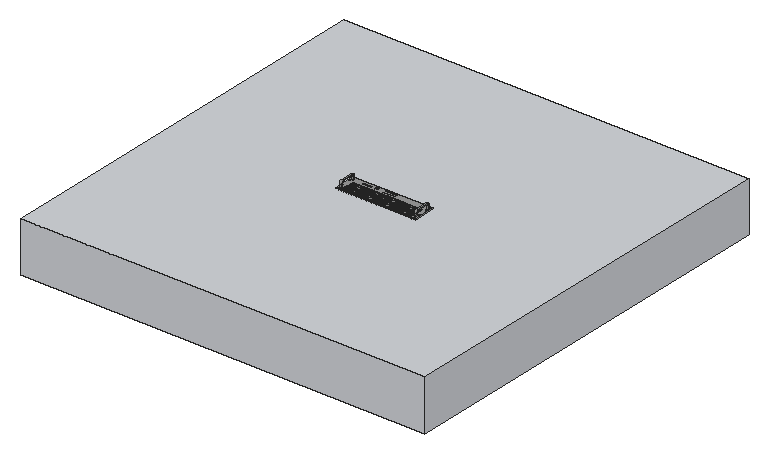
Revit family "IPS-10000", category Allgemeines Modell, Revit 2019 (continued)
Forms (mm)
  Extrusion 212, void
    sketch origin (118.21, -5, 0) x (1, 0, 0) y (0, 1, 0)
      loop
        line (-142.891, 18.273) -> (-145.696, 18.273) -> (-145.696, 15.397) -> (-142.891, 15.397) -> (-142.891, 18.273)
    from 3.837 to 11.095
  Extrusion 213, void
    sketch origin (113.367, -5, 0) x (1, 0, 0) y (0, 1, 0)
      loop
        line (-142.891, 18.273) -> (-145.696, 18.273) -> (-145.696, 15.397) -> (-142.891, 15.397) -> (-142.891, 18.273)
    from 3.837 to 11.095
  Extrusion 214, void
    sketch origin (108.523, -5, 0) x (1, 0, 0) y (0, 1, 0)
      loop
        line (-142.891, 18.273) -> (-145.696, 18.273) -> (-145.696, 15.397) -> (-142.891, 15.397) -> (-142.891, 18.273)
    from 3.837 to 11.095
  Extrusion 215, void
    sketch origin (142.427, -10, 0) x (1, 0, 0) y (0, 1, 0)
      loop
        line (-142.891, 18.273) -> (-145.696, 18.273) -> (-145.696, 15.397) -> (-142.891, 15.397) -> (-142.891, 18.273)
    from 3.837 to 11.095
  Extrusion 216, void
    sketch origin (137.583, -10, 0) x (1, 0, 0) y (0, 1, 0)
      loop
        line (-142.891, 18.273) -> (-145.696, 18.273) -> (-145.696, 15.397) -> (-142.891, 15.397) -> (-142.891, 18.273)
    from 3.837 to 11.095
  Extrusion 217, void
    sketch origin (132.74, -10, 0) x (1, 0, 0) y (0, 1, 0)
      loop
        line (-142.891, 18.273) -> (-145.696, 18.273) -> (-145.696, 15.397) -> (-142.891, 15.397) -> (-142.891, 18.273)
    from 3.837 to 11.095
  Extrusion 218, void
    sketch origin (127.897, -10, 0) x (1, 0, 0) y (0, 1, 0)
      loop
        line (-142.891, 18.273) -> (-145.696, 18.273) -> (-145.696, 15.397) -> (-142.891, 15.397) -> (-142.891, 18.273)
    from 3.837 to 11.095
  Extrusion 219, void
    sketch origin (123.053, -10, 0) x (1, 0, 0) y (0, 1, 0)
      loop
        line (-142.891, 18.273) -> (-145.696, 18.273) -> (-145.696, 15.397) -> (-142.891, 15.397) -> (-142.891, 18.273)
    from 3.837 to 11.095
  Extrusion 220, void
    sketch origin (118.21, -10, 0) x (1, 0, 0) y (0, 1, 0)
      loop
        line (-142.891, 18.273) -> (-145.696, 18.273) -> (-145.696, 15.397) -> (-142.891, 15.397) -> (-142.891, 18.273)
    from 3.837 to 11.095
  Extrusion 221, void
    sketch origin (113.367, -10, 0) x (1, 0, 0) y (0, 1, 0)
      loop
        line (-142.891, 18.273) -> (-145.696, 18.273) -> (-145.696, 15.397) -> (-142.891, 15.397) -> (-142.891, 18.273)
    from 3.837 to 11.095
  Extrusion 222, void
    sketch origin (108.523, -10, 0) x (1, 0, 0) y (0, 1, 0)
      loop
        line (-142.891, 18.273) -> (-145.696, 18.273) -> (-145.696, 15.397) -> (-142.891, 15.397) -> (-142.891, 18.273)
    from 3.837 to 11.095
  Extrusion 223, void
    sketch origin (142.427, -15, 0) x (1, 0, 0) y (0, 1, 0)
      loop
        line (-142.891, 18.273) -> (-145.696, 18.273) -> (-145.696, 15.397) -> (-142.891, 15.397) -> (-142.891, 18.273)
    from 3.837 to 11.095
  Extrusion 224, void
    sketch origin (137.583, -15, 0) x (1, 0, 0) y (0, 1, 0)
      loop
        line (-142.891, 18.273) -> (-145.696, 18.273) -> (-145.696, 15.397) -> (-142.891, 15.397) -> (-142.891, 18.273)
    from 3.837 to 11.095
  Extrusion 225, void
    sketch origin (132.74, -15, 0) x (1, 0, 0) y (0, 1, 0)
      loop
        line (-142.891, 18.273) -> (-145.696, 18.273) -> (-145.696, 15.397) -> (-142.891, 15.397) -> (-142.891, 18.273)
    from 3.837 to 11.095
  Extrusion 226, void
    sketch origin (127.897, -15, 0) x (1, 0, 0) y (0, 1, 0)
      loop
        line (-142.891, 18.273) -> (-145.696, 18.273) -> (-145.696, 15.397) -> (-142.891, 15.397) -> (-142.891, 18.273)
    from 3.837 to 11.095
  Extrusion 227, void
    sketch origin (123.053, -15, 0) x (1, 0, 0) y (0, 1, 0)
      loop
        line (-142.891, 18.273) -> (-145.696, 18.273) -> (-145.696, 15.397) -> (-142.891, 15.397) -> (-142.891, 18.273)
    from 3.837 to 11.095
  Extrusion 228, void
    sketch origin (118.21, -15, 0) x (1, 0, 0) y (0, 1, 0)
      loop
        line (-142.891, 18.273) -> (-145.696, 18.273) -> (-145.696, 15.397) -> (-142.891, 15.397) -> (-142.891, 18.273)
    from 3.837 to 11.095
  Extrusion 229, void
    sketch origin (113.367, -15, 0) x (1, 0, 0) y (0, 1, 0)
      loop
        line (-142.891, 18.273) -> (-145.696, 18.273) -> (-145.696, 15.397) -> (-142.891, 15.397) -> (-142.891, 18.273)
    from 3.837 to 11.095
  Extrusion 230, void
    sketch origin (108.523, -15, 0) x (1, 0, 0) y (0, 1, 0)
      loop
        line (-142.891, 18.273) -> (-145.696, 18.273) -> (-145.696, 15.397) -> (-142.891, 15.397) -> (-142.891, 18.273)
    from 3.837 to 11.095
  Extrusion 231, void
    sketch origin (-242.303, 76.246, 0) x (-1, 0, 0) y (0, -1, 0)
      loop
        line (-142.891, 104.22) -> (-142.891, 107.096) -> (-145.696, 107.096) -> (-145.696, 104.22) -> (-142.891, 104.22)
    from 3.837 to 11.095
  Extrusion 232, void
    sketch origin (-237.46, 76.246, 0) x (-1, 0, 0) y (0, -1, 0)
      loop
        line (-142.891, 104.22) -> (-142.891, 107.096) -> (-145.696, 107.096) -> (-145.696, 104.22) -> (-142.891, 104.22)
    from 3.837 to 11.095
  Extrusion 233, void
    sketch origin (-232.617, 76.246, 0) x (-1, 0, 0) y (0, -1, 0)
      loop
        line (-142.891, 104.22) -> (-142.891, 107.096) -> (-145.696, 107.096) -> (-145.696, 104.22) -> (-142.891, 104.22)
    from 3.837 to 11.095
  Extrusion 234, void
    sketch origin (-227.773, 76.246, 0) x (-1, 0, 0) y (0, -1, 0)
      loop
        line (-142.891, 104.22) -> (-142.891, 107.096) -> (-145.696, 107.096) -> (-145.696, 104.22) -> (-142.891, 104.22)
    from 3.837 to 11.095
  Extrusion 235, void
    sketch origin (-222.93, 76.246, 0) x (-1, 0, 0) y (0, -1, 0)
      loop
        line (-142.891, 104.22) -> (-142.891, 107.096) -> (-145.696, 107.096) -> (-145.696, 104.22) -> (-142.891, 104.22)
    from 3.837 to 11.095
  Extrusion 236, void
    sketch origin (-218.086, 76.246, 0) x (-1, 0, 0) y (0, -1, 0)
      loop
        line (-142.891, 104.22) -> (-142.891, 107.096) -> (-145.696, 107.096) -> (-145.696, 104.22) -> (-142.891, 104.22)
    from 3.837 to 11.095
  Extrusion 237, void
    sketch origin (-213.243, 76.246, 0) x (-1, 0, 0) y (0, -1, 0)
      loop
        line (-142.891, 104.22) -> (-142.891, 107.096) -> (-145.696, 107.096) -> (-145.696, 104.22) -> (-142.891, 104.22)
    from 3.837 to 11.095
  Extrusion 238, void
    sketch origin (-208.4, 76.246, 0) x (-1, 0, 0) y (0, -1, 0)
      loop
        line (-142.891, 104.22) -> (-142.891, 107.096) -> (-145.696, 107.096) -> (-145.696, 104.22) -> (-142.891, 104.22)
    from 3.837 to 11.095
  Extrusion 239, void
    sketch origin (-242.303, 71.246, 0) x (-1, 0, 0) y (0, -1, 0)
      loop
        line (-142.891, 104.22) -> (-142.891, 107.096) -> (-145.696, 107.096) -> (-145.696, 104.22) -> (-142.891, 104.22)
    from 3.837 to 11.095
  Extrusion 240, void
    sketch origin (-237.46, 71.246, 0) x (-1, 0, 0) y (0, -1, 0)
      loop
        line (-142.891, 104.22) -> (-142.891, 107.096) -> (-145.696, 107.096) -> (-145.696, 104.22) -> (-142.891, 104.22)
    from 3.837 to 11.095
  Extrusion 241, void
    sketch origin (-232.617, 71.246, 0) x (-1, 0, 0) y (0, -1, 0)
      loop
        line (-142.891, 104.22) -> (-142.891, 107.096) -> (-145.696, 107.096) -> (-145.696, 104.22) -> (-142.891, 104.22)
    from 3.837 to 11.095
  Extrusion 242, void
    sketch origin (-227.773, 71.246, 0) x (-1, 0, 0) y (0, -1, 0)
      loop
        line (-142.891, 104.22) -> (-142.891, 107.096) -> (-145.696, 107.096) -> (-145.696, 104.22) -> (-142.891, 104.22)
    from 3.837 to 11.095
  Extrusion 243, void
    sketch origin (-222.93, 71.246, 0) x (-1, 0, 0) y (0, -1, 0)
      loop
        line (-142.891, 104.22) -> (-142.891, 107.096) -> (-145.696, 107.096) -> (-145.696, 104.22) -> (-142.891, 104.22)
    from 3.837 to 11.095
  Extrusion 244, void
    sketch origin (-218.086, 71.246, 0) x (-1, 0, 0) y (0, -1, 0)
      loop
        line (-142.891, 104.22) -> (-142.891, 107.096) -> (-145.696, 107.096) -> (-145.696, 104.22) -> (-142.891, 104.22)
    from 3.837 to 11.095
  Extrusion 245, void
    sketch origin (-213.243, 71.246, 0) x (-1, 0, 0) y (0, -1, 0)
      loop
        line (-142.891, 104.22) -> (-142.891, 107.096) -> (-145.696, 107.096) -> (-145.696, 104.22) -> (-142.891, 104.22)
    from 3.837 to 11.095
  Extrusion 246, void
    sketch origin (-208.4, 71.246, 0) x (-1, 0, 0) y (0, -1, 0)
      loop
        line (-142.891, 104.22) -> (-142.891, 107.096) -> (-145.696, 107.096) -> (-145.696, 104.22) -> (-142.891, 104.22)
    from 3.837 to 11.095
  Extrusion 247, void
    sketch origin (-242.303, 66.246, 0) x (-1, 0, 0) y (0, -1, 0)
      loop
        line (-142.891, 104.22) -> (-142.891, 107.096) -> (-145.696, 107.096) -> (-145.696, 104.22) -> (-142.891, 104.22)
    from 3.837 to 11.095
  Extrusion 248, void
    sketch origin (-237.46, 66.246, 0) x (-1, 0, 0) y (0, -1, 0)
      loop
        line (-142.891, 104.22) -> (-142.891, 107.096) -> (-145.696, 107.096) -> (-145.696, 104.22) -> (-142.891, 104.22)
    from 3.837 to 11.095
  Extrusion 249, void
    sketch origin (-232.617, 66.246, 0) x (-1, 0, 0) y (0, -1, 0)
      loop
        line (-142.891, 104.22) -> (-142.891, 107.096) -> (-145.696, 107.096) -> (-145.696, 104.22) -> (-142.891, 104.22)
    from 3.837 to 11.095
  Extrusion 250, void
    sketch origin (-227.773, 66.246, 0) x (-1, 0, 0) y (0, -1, 0)
      loop
        line (-142.891, 104.22) -> (-142.891, 107.096) -> (-145.696, 107.096) -> (-145.696, 104.22) -> (-142.891, 104.22)
    from 3.837 to 11.095
  Extrusion 251, void
    sketch origin (-222.93, 66.246, 0) x (-1, 0, 0) y (0, -1, 0)
      loop
        line (-142.891, 104.22) -> (-142.891, 107.096) -> (-145.696, 107.096) -> (-145.696, 104.22) -> (-142.891, 104.22)
    from 3.837 to 11.095
  Extrusion 252, void
    sketch origin (-218.086, 66.246, 0) x (-1, 0, 0) y (0, -1, 0)
      loop
        line (-142.891, 104.22) -> (-142.891, 107.096) -> (-145.696, 107.096) -> (-145.696, 104.22) -> (-142.891, 104.22)
    from 3.837 to 11.095
  Extrusion 253, void
    sketch origin (-213.243, 66.246, 0) x (-1, 0, 0) y (0, -1, 0)
      loop
        line (-142.891, 104.22) -> (-142.891, 107.096) -> (-145.696, 107.096) -> (-145.696, 104.22) -> (-142.891, 104.22)
    from 3.837 to 11.095
  Extrusion 254, void
    sketch origin (-208.4, 66.246, 0) x (-1, 0, 0) y (0, -1, 0)
      loop
        line (-142.891, 104.22) -> (-142.891, 107.096) -> (-145.696, 107.096) -> (-145.696, 104.22) -> (-142.891, 104.22)
    from 3.837 to 11.095
  Extrusion 255, void
    sketch origin (142.427, -61.246, 0) x (1, 0, 0) y (0, 1, 0)
      loop
        line (-241.839, 18.273) -> (-241.839, 15.397) -> (-239.034, 15.397) -> (-239.034, 18.273) -> (-241.839, 18.273)
    from 3.837 to 11.095
  Extrusion 256, void
    sketch origin (137.583, -61.246, 0) x (1, 0, 0) y (0, 1, 0)
      loop
        line (-232.153, 18.273) -> (-232.153, 15.397) -> (-229.347, 15.397) -> (-229.347, 18.273) -> (-232.153, 18.273)
    from 3.837 to 11.095
  Extrusion 257, void
    sketch origin (132.74, -61.246, 0) x (1, 0, 0) y (0, 1, 0)
      loop
        line (-222.466, 18.273) -> (-222.466, 15.397) -> (-219.66, 15.397) -> (-219.66, 18.273) -> (-222.466, 18.273)
    from 3.837 to 11.095
  Extrusion 258, void
    sketch origin (127.897, -61.246, 0) x (1, 0, 0) y (0, 1, 0)
      loop
        line (-212.779, 18.273) -> (-212.779, 15.397) -> (-209.974, 15.397) -> (-209.974, 18.273) -> (-212.779, 18.273)
    from 3.837 to 11.095
  Extrusion 259, void
    sketch origin (123.053, -61.246, 0) x (1, 0, 0) y (0, 1, 0)
      loop
        line (-203.093, 18.273) -> (-203.093, 15.397) -> (-200.287, 15.397) -> (-200.287, 18.273) -> (-203.093, 18.273)
    from 3.837 to 11.095
  Extrusion 260, void
    sketch origin (118.21, -61.246, 0) x (1, 0, 0) y (0, 1, 0)
      loop
        line (-193.406, 18.273) -> (-193.406, 15.397) -> (-190.6, 15.397) -> (-190.6, 18.273) -> (-193.406, 18.273)
    from 3.837 to 11.095
  Extrusion 261, void
    sketch origin (113.367, -61.246, 0) x (1, 0, 0) y (0, 1, 0)
      loop
        line (-183.719, 18.273) -> (-183.719, 15.397) -> (-180.914, 15.397) -> (-180.914, 18.273) -> (-183.719, 18.273)
    from 3.837 to 11.095
  Extrusion 262, void
    sketch origin (108.523, -61.246, 0) x (1, 0, 0) y (0, 1, 0)
      loop
        line (-174.033, 18.273) -> (-174.033, 15.397) -> (-171.227, 15.397) -> (-171.227, 18.273) -> (-174.033, 18.273)
    from 3.837 to 11.095
  Extrusion 263, void
    sketch origin (142.427, -46.246, 0) x (1, 0, 0) y (0, 1, 0)
      loop
        line (-142.891, 18.273) -> (-145.696, 18.273) -> (-145.696, 15.397) -> (-142.891, 15.397) -> (-142.891, 18.273)
    from 3.837 to 11.095
  Extrusion 264, void
    sketch origin (137.583, -46.246, 0) x (1, 0, 0) y (0, 1, 0)
      loop
        line (-142.891, 18.273) -> (-145.696, 18.273) -> (-145.696, 15.397) -> (-142.891, 15.397) -> (-142.891, 18.273)
    from 3.837 to 11.095
  Extrusion 265, void
    sketch origin (132.74, -46.246, 0) x (1, 0, 0) y (0, 1, 0)
      loop
        line (-142.891, 18.273) -> (-145.696, 18.273) -> (-145.696, 15.397) -> (-142.891, 15.397) -> (-142.891, 18.273)
    from 3.837 to 11.095
  Extrusion 266, void
    sketch origin (127.897, -46.246, 0) x (1, 0, 0) y (0, 1, 0)
      loop
        line (-142.891, 18.273) -> (-145.696, 18.273) -> (-145.696, 15.397) -> (-142.891, 15.397) -> (-142.891, 18.273)
    from 3.837 to 11.095
  Extrusion 267, void
    sketch origin (123.053, -46.246, 0) x (1, 0, 0) y (0, 1, 0)
      loop
        line (-142.891, 18.273) -> (-145.696, 18.273) -> (-145.696, 15.397) -> (-142.891, 15.397) -> (-142.891, 18.273)
    from 3.837 to 11.095
  Extrusion 268, void
    sketch origin (118.21, -46.246, 0) x (1, 0, 0) y (0, 1, 0)
      loop
        line (-142.891, 18.273) -> (-145.696, 18.273) -> (-145.696, 15.397) -> (-142.891, 15.397) -> (-142.891, 18.273)
    from 3.837 to 11.095
  Extrusion 269, void
    sketch origin (113.367, -46.246, 0) x (1, 0, 0) y (0, 1, 0)
      loop
        line (-142.891, 18.273) -> (-145.696, 18.273) -> (-145.696, 15.397) -> (-142.891, 15.397) -> (-142.891, 18.273)
    from 3.837 to 11.095
  Extrusion 270, void
    sketch origin (108.523, -46.246, 0) x (1, 0, 0) y (0, 1, 0)
      loop
        line (-142.891, 18.273) -> (-145.696, 18.273) -> (-145.696, 15.397) -> (-142.891, 15.397) -> (-142.891, 18.273)
    from 3.837 to 11.095
  Extrusion 271, void
    sketch origin (142.427, -51.246, 0) x (1, 0, 0) y (0, 1, 0)
      loop
        line (-142.891, 18.273) -> (-145.696, 18.273) -> (-145.696, 15.397) -> (-142.891, 15.397) -> (-142.891, 18.273)
    from 3.837 to 11.095
  Extrusion 272, void
    sketch origin (137.583, -51.246, 0) x (1, 0, 0) y (0, 1, 0)
      loop
        line (-142.891, 18.273) -> (-145.696, 18.273) -> (-145.696, 15.397) -> (-142.891, 15.397) -> (-142.891, 18.273)
    from 3.837 to 11.095
  Extrusion 273, void
    sketch origin (132.74, -51.246, 0) x (1, 0, 0) y (0, 1, 0)
      loop
        line (-142.891, 18.273) -> (-145.696, 18.273) -> (-145.696, 15.397) -> (-142.891, 15.397) -> (-142.891, 18.273)
    from 3.837 to 11.095
  Extrusion 274, void
    sketch origin (127.897, -51.246, 0) x (1, 0, 0) y (0, 1, 0)
      loop
        line (-142.891, 18.273) -> (-145.696, 18.273) -> (-145.696, 15.397) -> (-142.891, 15.397) -> (-142.891, 18.273)
    from 3.837 to 11.095
  Extrusion 275, void
    sketch origin (123.053, -51.246, 0) x (1, 0, 0) y (0, 1, 0)
      loop
        line (-142.891, 18.273) -> (-145.696, 18.273) -> (-145.696, 15.397) -> (-142.891, 15.397) -> (-142.891, 18.273)
    from 3.837 to 11.095
  Extrusion 276, void
    sketch origin (118.21, -51.246, 0) x (1, 0, 0) y (0, 1, 0)
      loop
        line (-142.891, 18.273) -> (-145.696, 18.273) -> (-145.696, 15.397) -> (-142.891, 15.397) -> (-142.891, 18.273)
    from 3.837 to 11.095
  Extrusion 277, void
    sketch origin (113.367, -51.246, 0) x (1, 0, 0) y (0, 1, 0)
      loop
        line (-142.891, 18.273) -> (-145.696, 18.273) -> (-145.696, 15.397) -> (-142.891, 15.397) -> (-142.891, 18.273)
    from 3.837 to 11.095
  Extrusion 278, void
    sketch origin (108.523, -51.246, 0) x (1, 0, 0) y (0, 1, 0)
      loop
        line (-142.891, 18.273) -> (-145.696, 18.273) -> (-145.696, 15.397) -> (-142.891, 15.397) -> (-142.891, 18.273)
    from 3.837 to 11.095
  Extrusion 279, void
    sketch origin (142.427, -56.246, 0) x (1, 0, 0) y (0, 1, 0)
      loop
        line (-142.891, 18.273) -> (-145.696, 18.273) -> (-145.696, 15.397) -> (-142.891, 15.397) -> (-142.891, 18.273)
    from 3.837 to 11.095
  Extrusion 280, void
    sketch origin (137.583, -56.246, 0) x (1, 0, 0) y (0, 1, 0)
      loop
        line (-142.891, 18.273) -> (-145.696, 18.273) -> (-145.696, 15.397) -> (-142.891, 15.397) -> (-142.891, 18.273)
    from 3.837 to 11.095
  Extrusion 281, void
    sketch origin (132.74, -56.246, 0) x (1, 0, 0) y (0, 1, 0)
      loop
        line (-142.891, 18.273) -> (-145.696, 18.273) -> (-145.696, 15.397) -> (-142.891, 15.397) -> (-142.891, 18.273)
    from 3.837 to 11.095
  Extrusion 282, void
    sketch origin (127.897, -56.246, 0) x (1, 0, 0) y (0, 1, 0)
      loop
        line (-142.891, 18.273) -> (-145.696, 18.273) -> (-145.696, 15.397) -> (-142.891, 15.397) -> (-142.891, 18.273)
    from 3.837 to 11.095
  Extrusion 283, void
    sketch origin (123.053, -56.246, 0) x (1, 0, 0) y (0, 1, 0)
      loop
        line (-142.891, 18.273) -> (-145.696, 18.273) -> (-145.696, 15.397) -> (-142.891, 15.397) -> (-142.891, 18.273)
    from 3.837 to 11.095
  Extrusion 284, void
    sketch origin (118.21, -56.246, 0) x (1, 0, 0) y (0, 1, 0)
      loop
        line (-142.891, 18.273) -> (-145.696, 18.273) -> (-145.696, 15.397) -> (-142.891, 15.397) -> (-142.891, 18.273)
    from 3.837 to 11.095
  Extrusion 285, void
    sketch origin (113.367, -56.246, 0) x (1, 0, 0) y (0, 1, 0)
      loop
        line (-142.891, 18.273) -> (-145.696, 18.273) -> (-145.696, 15.397) -> (-142.891, 15.397) -> (-142.891, 18.273)
    from 3.837 to 11.095
  Extrusion 286, void
    sketch origin (108.523, -56.246, 0) x (1, 0, 0) y (0, 1, 0)
      loop
        line (-142.891, 18.273) -> (-145.696, 18.273) -> (-145.696, 15.397) -> (-142.891, 15.397) -> (-142.891, 18.273)
    from 3.837 to 11.095
  Extrusion 287, void
    sketch origin (142.427, -61.246, 0) x (1, 0, 0) y (0, 1, 0)
      loop
        line (-142.891, 18.273) -> (-145.696, 18.273) -> (-145.696, 15.397) -> (-142.891, 15.397) -> (-142.891, 18.273)
    from 3.837 to 11.095
  Extrusion 288, void
    sketch origin (137.583, -61.246, 0) x (1, 0, 0) y (0, 1, 0)
      loop
        line (-142.891, 18.273) -> (-145.696, 18.273) -> (-145.696, 15.397) -> (-142.891, 15.397) -> (-142.891, 18.273)
    from 3.837 to 11.095
  Extrusion 289, void
    sketch origin (132.74, -61.246, 0) x (1, 0, 0) y (0, 1, 0)
      loop
        line (-142.891, 18.273) -> (-145.696, 18.273) -> (-145.696, 15.397) -> (-142.891, 15.397) -> (-142.891, 18.273)
    from 3.837 to 11.095
  Extrusion 290, void
    sketch origin (127.897, -61.246, 0) x (1, 0, 0) y (0, 1, 0)
      loop
        line (-142.891, 18.273) -> (-145.696, 18.273) -> (-145.696, 15.397) -> (-142.891, 15.397) -> (-142.891, 18.273)
    from 3.837 to 11.095
  Extrusion 291, void
    sketch origin (123.053, -61.246, 0) x (1, 0, 0) y (0, 1, 0)
      loop
        line (-142.891, 18.273) -> (-145.696, 18.273) -> (-145.696, 15.397) -> (-142.891, 15.397) -> (-142.891, 18.273)
    from 3.837 to 11.095
  Extrusion 292, void
    sketch origin (118.21, -61.246, 0) x (1, 0, 0) y (0, 1, 0)
      loop
        line (-142.891, 18.273) -> (-145.696, 18.273) -> (-145.696, 15.397) -> (-142.891, 15.397) -> (-142.891, 18.273)
    from 3.837 to 11.095
  Extrusion 293, void
    sketch origin (113.367, -61.246, 0) x (1, 0, 0) y (0, 1, 0)
      loop
        line (-142.891, 18.273) -> (-145.696, 18.273) -> (-145.696, 15.397) -> (-142.891, 15.397) -> (-142.891, 18.273)
    from 3.837 to 11.095
  Extrusion 294, void
    sketch origin (108.523, -61.246, 0) x (1, 0, 0) y (0, 1, 0)
      loop
        line (-142.891, 18.273) -> (-145.696, 18.273) -> (-145.696, 15.397) -> (-142.891, 15.397) -> (-142.891, 18.273)
    from 3.837 to 11.095
  Extrusion 295, void
    sketch origin (-138.623, 122.493, 0) x (-1, 0, 0) y (0, -1, 0)
      loop
        line (-142.891, 104.22) -> (-142.891, 107.096) -> (-145.696, 107.096) -> (-145.696, 104.22) -> (-142.891, 104.22)
    from 3.837 to 11.095
  Extrusion 296, void
    sketch origin (-133.78, 122.493, 0) x (-1, 0, 0) y (0, -1, 0)
      loop
        line (-142.891, 104.22) -> (-142.891, 107.096) -> (-145.696, 107.096) -> (-145.696, 104.22) -> (-142.891, 104.22)
    from 3.837 to 11.095
  Extrusion 297, void
    sketch origin (-128.937, 122.493, 0) x (-1, 0, 0) y (0, -1, 0)
      loop
        line (-142.891, 104.22) -> (-142.891, 107.096) -> (-145.696, 107.096) -> (-145.696, 104.22) -> (-142.891, 104.22)
    from 3.837 to 11.095
  Extrusion 298, void
    sketch origin (-124.093, 122.493, 0) x (-1, 0, 0) y (0, -1, 0)
      loop
        line (-142.891, 104.22) -> (-142.891, 107.096) -> (-145.696, 107.096) -> (-145.696, 104.22) -> (-142.891, 104.22)
    from 3.837 to 11.095
  Extrusion 299, void
    sketch origin (-119.25, 122.493, 0) x (-1, 0, 0) y (0, -1, 0)
      loop
        line (-142.891, 104.22) -> (-142.891, 107.096) -> (-145.696, 107.096) -> (-145.696, 104.22) -> (-142.891, 104.22)
    from 3.837 to 11.095
  Extrusion 300, void
    sketch origin (-114.407, 122.493, 0) x (-1, 0, 0) y (0, -1, 0)
      loop
        line (-142.891, 104.22) -> (-142.891, 107.096) -> (-145.696, 107.096) -> (-145.696, 104.22) -> (-142.891, 104.22)
    from 3.837 to 11.095
  Extrusion 301, void
    sketch origin (-109.563, 122.493, 0) x (-1, 0, 0) y (0, -1, 0)
      loop
        line (-142.891, 104.22) -> (-142.891, 107.096) -> (-145.696, 107.096) -> (-145.696, 104.22) -> (-142.891, 104.22)
    from 3.837 to 11.095
  Extrusion 302, void
    sketch origin (-104.72, 122.493, 0) x (-1, 0, 0) y (0, -1, 0)
      loop
        line (-142.891, 104.22) -> (-142.891, 107.096) -> (-145.696, 107.096) -> (-145.696, 104.22) -> (-142.891, 104.22)
    from 3.837 to 11.095
  Extrusion 303, void
    sketch origin (-138.623, 117.493, 0) x (-1, 0, 0) y (0, -1, 0)
      loop
        line (-142.891, 104.22) -> (-142.891, 107.096) -> (-145.696, 107.096) -> (-145.696, 104.22) -> (-142.891, 104.22)
    from 3.837 to 11.095
  Extrusion 304, void
    sketch origin (-133.78, 117.493, 0) x (-1, 0, 0) y (0, -1, 0)
      loop
        line (-142.891, 104.22) -> (-142.891, 107.096) -> (-145.696, 107.096) -> (-145.696, 104.22) -> (-142.891, 104.22)
    from 3.837 to 11.095
  Extrusion 305, void
    sketch origin (-128.937, 117.493, 0) x (-1, 0, 0) y (0, -1, 0)
      loop
        line (-142.891, 104.22) -> (-142.891, 107.096) -> (-145.696, 107.096) -> (-145.696, 104.22) -> (-142.891, 104.22)
    from 3.837 to 11.095
  Extrusion 306, void
    sketch origin (-124.093, 117.493, 0) x (-1, 0, 0) y (0, -1, 0)
      loop
        line (-142.891, 104.22) -> (-142.891, 107.096) -> (-145.696, 107.096) -> (-145.696, 104.22) -> (-142.891, 104.22)
    from 3.837 to 11.095
  Extrusion 307, void
    sketch origin (-119.25, 117.493, 0) x (-1, 0, 0) y (0, -1, 0)
      loop
        line (-142.891, 104.22) -> (-142.891, 107.096) -> (-145.696, 107.096) -> (-145.696, 104.22) -> (-142.891, 104.22)
    from 3.837 to 11.095
  Extrusion 308, void
    sketch origin (-114.407, 117.493, 0) x (-1, 0, 0) y (0, -1, 0)
      loop
        line (-142.891, 104.22) -> (-142.891, 107.096) -> (-145.696, 107.096) -> (-145.696, 104.22) -> (-142.891, 104.22)
    from 3.837 to 11.095
  Extrusion 309, void
    sketch origin (-109.563, 117.493, 0) x (-1, 0, 0) y (0, -1, 0)
      loop
        line (-142.891, 104.22) -> (-142.891, 107.096) -> (-145.696, 107.096) -> (-145.696, 104.22) -> (-142.891, 104.22)
    from 3.837 to 11.095
  Extrusion 310, void
    sketch origin (-104.72, 117.493, 0) x (-1, 0, 0) y (0, -1, 0)
      loop
        line (-142.891, 104.22) -> (-142.891, 107.096) -> (-145.696, 107.096) -> (-145.696, 104.22) -> (-142.891, 104.22)
    from 3.837 to 11.095
  Extrusion 311, void
    sketch origin (-138.623, 112.493, 0) x (-1, 0, 0) y (0, -1, 0)
      loop
        line (-142.891, 104.22) -> (-142.891, 107.096) -> (-145.696, 107.096) -> (-145.696, 104.22) -> (-142.891, 104.22)
    from 3.837 to 11.095
  Extrusion 312, void
    sketch origin (-133.78, 112.493, 0) x (-1, 0, 0) y (0, -1, 0)
      loop
        line (-142.891, 104.22) -> (-142.891, 107.096) -> (-145.696, 107.096) -> (-145.696, 104.22) -> (-142.891, 104.22)
    from 3.837 to 11.095
  Extrusion 313, void
    sketch origin (-128.937, 112.493, 0) x (-1, 0, 0) y (0, -1, 0)
      loop
        line (-142.891, 104.22) -> (-142.891, 107.096) -> (-145.696, 107.096) -> (-145.696, 104.22) -> (-142.891, 104.22)
    from 3.837 to 11.095
  Extrusion 314, void
    sketch origin (-124.093, 112.493, 0) x (-1, 0, 0) y (0, -1, 0)
      loop
        line (-142.891, 104.22) -> (-142.891, 107.096) -> (-145.696, 107.096) -> (-145.696, 104.22) -> (-142.891, 104.22)
    from 3.837 to 11.095
  Extrusion 315, void
    sketch origin (-119.25, 112.493, 0) x (-1, 0, 0) y (0, -1, 0)
      loop
        line (-142.891, 104.22) -> (-142.891, 107.096) -> (-145.696, 107.096) -> (-145.696, 104.22) -> (-142.891, 104.22)
    from 3.837 to 11.095
  Extrusion 316, void
    sketch origin (-114.407, 112.493, 0) x (-1, 0, 0) y (0, -1, 0)
      loop
        line (-142.891, 104.22) -> (-142.891, 107.096) -> (-145.696, 107.096) -> (-145.696, 104.22) -> (-142.891, 104.22)
    from 3.837 to 11.095
  Extrusion 317, void
    sketch origin (-109.563, 112.493, 0) x (-1, 0, 0) y (0, -1, 0)
      loop
        line (-142.891, 104.22) -> (-142.891, 107.096) -> (-145.696, 107.096) -> (-145.696, 104.22) -> (-142.891, 104.22)
    from 3.837 to 11.095
  Extrusion 318, void
    sketch origin (-104.72, 112.493, 0) x (-1, 0, 0) y (0, -1, 0)
      loop
        line (-142.891, 104.22) -> (-142.891, 107.096) -> (-145.696, 107.096) -> (-145.696, 104.22) -> (-142.891, 104.22)
    from 3.837 to 11.095
  Extrusion 319, void
    sketch origin (-138.623, 107.493, 0) x (-1, 0, 0) y (0, -1, 0)
      loop
        line (-142.891, 104.22) -> (-142.891, 107.096) -> (-145.696, 107.096) -> (-145.696, 104.22) -> (-142.891, 104.22)
    from 3.837 to 11.095
  Extrusion 320, void
    sketch origin (-133.78, 107.493, 0) x (-1, 0, 0) y (0, -1, 0)
      loop
        line (-142.891, 104.22) -> (-142.891, 107.096) -> (-145.696, 107.096) -> (-145.696, 104.22) -> (-142.891, 104.22)
    from 3.837 to 11.095
  Extrusion 321, void
    sketch origin (-128.937, 107.493, 0) x (-1, 0, 0) y (0, -1, 0)
      loop
        line (-142.891, 104.22) -> (-142.891, 107.096) -> (-145.696, 107.096) -> (-145.696, 104.22) -> (-142.891, 104.22)
    from 3.837 to 11.095
  Extrusion 322, void
    sketch origin (-124.093, 107.493, 0) x (-1, 0, 0) y (0, -1, 0)
      loop
        line (-142.891, 104.22) -> (-142.891, 107.096) -> (-145.696, 107.096) -> (-145.696, 104.22) -> (-142.891, 104.22)
    from 3.837 to 11.095
  Extrusion 323, void
    sketch origin (-119.25, 107.493, 0) x (-1, 0, 0) y (0, -1, 0)
      loop
        line (-142.891, 104.22) -> (-142.891, 107.096) -> (-145.696, 107.096) -> (-145.696, 104.22) -> (-142.891, 104.22)
    from 3.837 to 11.095
  Extrusion 324, void
    sketch origin (-114.407, 107.493, 0) x (-1, 0, 0) y (0, -1, 0)
      loop
        line (-142.891, 104.22) -> (-142.891, 107.096) -> (-145.696, 107.096) -> (-145.696, 104.22) -> (-142.891, 104.22)
    from 3.837 to 11.095
  Extrusion 325, void
    sketch origin (-109.563, 107.493, 0) x (-1, 0, 0) y (0, -1, 0)
      loop
        line (-142.891, 104.22) -> (-142.891, 107.096) -> (-145.696, 107.096) -> (-145.696, 104.22) -> (-142.891, 104.22)
    from 3.837 to 11.095
  Extrusion 326, void
    sketch origin (-104.72, 107.493, 0) x (-1, 0, 0) y (0, -1, 0)
      loop
        line (-142.891, 104.22) -> (-142.891, 107.096) -> (-145.696, 107.096) -> (-145.696, 104.22) -> (-142.891, 104.22)
    from 3.837 to 11.095
  Extrusion 327, void
    sketch origin (246.107, 0, 0) x (1, 0, 0) y (0, 1, 0)
      loop
        line (-142.891, 18.273) -> (-145.696, 18.273) -> (-145.696, 15.397) -> (-142.891, 15.397) -> (-142.891, 18.273)
    from 3.837 to 11.095
  Extrusion 328, void
    sketch origin (241.263, 0, 0) x (1, 0, 0) y (0, 1, 0)
      loop
        line (-142.891, 18.273) -> (-145.696, 18.273) -> (-145.696, 15.397) -> (-142.891, 15.397) -> (-142.891, 18.273)
    from 3.837 to 11.095
  Extrusion 329, void
    sketch origin (236.42, 0, 0) x (1, 0, 0) y (0, 1, 0)
      loop
        line (-142.891, 18.273) -> (-145.696, 18.273) -> (-145.696, 15.397) -> (-142.891, 15.397) -> (-142.891, 18.273)
    from 3.837 to 11.095
  Extrusion 330, void
    sketch origin (231.577, 0, 0) x (1, 0, 0) y (0, 1, 0)
      loop
        line (-142.891, 18.273) -> (-145.696, 18.273) -> (-145.696, 15.397) -> (-142.891, 15.397) -> (-142.891, 18.273)
    from 3.837 to 11.095
  Extrusion 331, void
    sketch origin (226.733, 0, 0) x (1, 0, 0) y (0, 1, 0)
      loop
        line (-142.891, 18.273) -> (-145.696, 18.273) -> (-145.696, 15.397) -> (-142.891, 15.397) -> (-142.891, 18.273)
    from 3.837 to 11.095
  Extrusion 332, void
    sketch origin (221.89, 0, 0) x (1, 0, 0) y (0, 1, 0)
      loop
        line (-142.891, 18.273) -> (-145.696, 18.273) -> (-145.696, 15.397) -> (-142.891, 15.397) -> (-142.891, 18.273)
    from 3.837 to 11.095
  Extrusion 333, void
    sketch origin (217.047, 0, 0) x (1, 0, 0) y (0, 1, 0)
      loop
        line (-142.891, 18.273) -> (-145.696, 18.273) -> (-145.696, 15.397) -> (-142.891, 15.397) -> (-142.891, 18.273)
    from 3.837 to 11.095
  Extrusion 334, void
    sketch origin (212.203, 0, 0) x (1, 0, 0) y (0, 1, 0)
      loop
        line (-142.891, 18.273) -> (-145.696, 18.273) -> (-145.696, 15.397) -> (-142.891, 15.397) -> (-142.891, 18.273)
    from 3.837 to 11.095
  Extrusion 335, void
    sketch origin (246.107, -5, 0) x (1, 0, 0) y (0, 1, 0)
      loop
        line (-142.891, 18.273) -> (-145.696, 18.273) -> (-145.696, 15.397) -> (-142.891, 15.397) -> (-142.891, 18.273)
    from 3.837 to 11.095
  Extrusion 336, void
    sketch origin (241.263, -5, 0) x (1, 0, 0) y (0, 1, 0)
      loop
        line (-142.891, 18.273) -> (-145.696, 18.273) -> (-145.696, 15.397) -> (-142.891, 15.397) -> (-142.891, 18.273)
    from 3.837 to 11.095
  Extrusion 337, void
    sketch origin (236.42, -5, 0) x (1, 0, 0) y (0, 1, 0)
      loop
        line (-142.891, 18.273) -> (-145.696, 18.273) -> (-145.696, 15.397) -> (-142.891, 15.397) -> (-142.891, 18.273)
    from 3.837 to 11.095
  Extrusion 338, void
    sketch origin (231.577, -5, 0) x (1, 0, 0) y (0, 1, 0)
      loop
        line (-142.891, 18.273) -> (-145.696, 18.273) -> (-145.696, 15.397) -> (-142.891, 15.397) -> (-142.891, 18.273)
    from 3.837 to 11.095
  Extrusion 339, void
    sketch origin (226.733, -5, 0) x (1, 0, 0) y (0, 1, 0)
      loop
        line (-142.891, 18.273) -> (-145.696, 18.273) -> (-145.696, 15.397) -> (-142.891, 15.397) -> (-142.891, 18.273)
    from 3.837 to 11.095
  Extrusion 340, void
    sketch origin (221.89, -5, 0) x (1, 0, 0) y (0, 1, 0)
      loop
        line (-142.891, 18.273) -> (-145.696, 18.273) -> (-145.696, 15.397) -> (-142.891, 15.397) -> (-142.891, 18.273)
    from 3.837 to 11.095
  Extrusion 341, void
    sketch origin (217.047, -5, 0) x (1, 0, 0) y (0, 1, 0)
      loop
        line (-142.891, 18.273) -> (-145.696, 18.273) -> (-145.696, 15.397) -> (-142.891, 15.397) -> (-142.891, 18.273)
    from 3.837 to 11.095
  Extrusion 342, void
    sketch origin (212.203, -5, 0) x (1, 0, 0) y (0, 1, 0)
      loop
        line (-142.891, 18.273) -> (-145.696, 18.273) -> (-145.696, 15.397) -> (-142.891, 15.397) -> (-142.891, 18.273)
    from 3.837 to 11.095
  Extrusion 343, void
    sketch origin (246.107, -10, 0) x (1, 0, 0) y (0, 1, 0)
      loop
        line (-142.891, 18.273) -> (-145.696, 18.273) -> (-145.696, 15.397) -> (-142.891, 15.397) -> (-142.891, 18.273)
    from 3.837 to 11.095
  Extrusion 344, void
    sketch origin (241.263, -10, 0) x (1, 0, 0) y (0, 1, 0)
      loop
        line (-142.891, 18.273) -> (-145.696, 18.273) -> (-145.696, 15.397) -> (-142.891, 15.397) -> (-142.891, 18.273)
    from 3.837 to 11.095
  Extrusion 345, void
    sketch origin (236.42, -10, 0) x (1, 0, 0) y (0, 1, 0)
      loop
        line (-142.891, 18.273) -> (-145.696, 18.273) -> (-145.696, 15.397) -> (-142.891, 15.397) -> (-142.891, 18.273)
    from 3.837 to 11.095
  Extrusion 346, void
    sketch origin (231.577, -10, 0) x (1, 0, 0) y (0, 1, 0)
      loop
        line (-142.891, 18.273) -> (-145.696, 18.273) -> (-145.696, 15.397) -> (-142.891, 15.397) -> (-142.891, 18.273)
    from 3.837 to 11.095
  Extrusion 347, void
    sketch origin (226.733, -10, 0) x (1, 0, 0) y (0, 1, 0)
      loop
        line (-142.891, 18.273) -> (-145.696, 18.273) -> (-145.696, 15.397) -> (-142.891, 15.397) -> (-142.891, 18.273)
    from 3.837 to 11.095
  Extrusion 348, void
    sketch origin (221.89, -10, 0) x (1, 0, 0) y (0, 1, 0)
      loop
        line (-142.891, 18.273) -> (-145.696, 18.273) -> (-145.696, 15.397) -> (-142.891, 15.397) -> (-142.891, 18.273)
    from 3.837 to 11.095
  Extrusion 349, void
    sketch origin (217.047, -10, 0) x (1, 0, 0) y (0, 1, 0)
      loop
        line (-142.891, 18.273) -> (-145.696, 18.273) -> (-145.696, 15.397) -> (-142.891, 15.397) -> (-142.891, 18.273)
    from 3.837 to 11.095
  Extrusion 350, void
    sketch origin (212.203, -10, 0) x (1, 0, 0) y (0, 1, 0)
      loop
        line (-142.891, 18.273) -> (-145.696, 18.273) -> (-145.696, 15.397) -> (-142.891, 15.397) -> (-142.891, 18.273)
    from 3.837 to 11.095
  Extrusion 351, void
    sketch origin (246.107, -15, 0) x (1, 0, 0) y (0, 1, 0)
      loop
        line (-142.891, 18.273) -> (-145.696, 18.273) -> (-145.696, 15.397) -> (-142.891, 15.397) -> (-142.891, 18.273)
    from 3.837 to 11.095
  Extrusion 352, void
    sketch origin (241.263, -15, 0) x (1, 0, 0) y (0, 1, 0)
      loop
        line (-142.891, 18.273) -> (-145.696, 18.273) -> (-145.696, 15.397) -> (-142.891, 15.397) -> (-142.891, 18.273)
    from 3.837 to 11.095
  Extrusion 353, void
    sketch origin (236.42, -15, 0) x (1, 0, 0) y (0, 1, 0)
      loop
        line (-142.891, 18.273) -> (-145.696, 18.273) -> (-145.696, 15.397) -> (-142.891, 15.397) -> (-142.891, 18.273)
    from 3.837 to 11.095
  Extrusion 354, void
    sketch origin (231.577, -15, 0) x (1, 0, 0) y (0, 1, 0)
      loop
        line (-142.891, 18.273) -> (-145.696, 18.273) -> (-145.696, 15.397) -> (-142.891, 15.397) -> (-142.891, 18.273)
    from 3.837 to 11.095
  Extrusion 355, void
    sketch origin (226.733, -15, 0) x (1, 0, 0) y (0, 1, 0)
      loop
        line (-142.891, 18.273) -> (-145.696, 18.273) -> (-145.696, 15.397) -> (-142.891, 15.397) -> (-142.891, 18.273)
    from 3.837 to 11.095
  Extrusion 356, void
    sketch origin (221.89, -15, 0) x (1, 0, 0) y (0, 1, 0)
      loop
        line (-142.891, 18.273) -> (-145.696, 18.273) -> (-145.696, 15.397) -> (-142.891, 15.397) -> (-142.891, 18.273)
    from 3.837 to 11.095
  Extrusion 357, void
    sketch origin (217.047, -15, 0) x (1, 0, 0) y (0, 1, 0)
      loop
        line (-142.891, 18.273) -> (-145.696, 18.273) -> (-145.696, 15.397) -> (-142.891, 15.397) -> (-142.891, 18.273)
    from 3.837 to 11.095
  Extrusion 358, void
    sketch origin (212.203, -15, 0) x (1, 0, 0) y (0, 1, 0)
      loop
        line (-142.891, 18.273) -> (-145.696, 18.273) -> (-145.696, 15.397) -> (-142.891, 15.397) -> (-142.891, 18.273)
    from 3.837 to 11.095
  Extrusion 359, void
    sketch origin (-138.623, 76.246, 0) x (-1, 0, 0) y (0, -1, 0)
      loop
        line (-142.891, 104.22) -> (-142.891, 107.096) -> (-145.696, 107.096) -> (-145.696, 104.22) -> (-142.891, 104.22)
    from 3.837 to 11.095
  Extrusion 360, void
    sketch origin (-133.78, 76.246, 0) x (-1, 0, 0) y (0, -1, 0)
      loop
        line (-142.891, 104.22) -> (-142.891, 107.096) -> (-145.696, 107.096) -> (-145.696, 104.22) -> (-142.891, 104.22)
    from 3.837 to 11.095
  Extrusion 361, void
    sketch origin (-128.937, 76.246, 0) x (-1, 0, 0) y (0, -1, 0)
      loop
        line (-142.891, 104.22) -> (-142.891, 107.096) -> (-145.696, 107.096) -> (-145.696, 104.22) -> (-142.891, 104.22)
    from 3.837 to 11.095
  Extrusion 362, void
    sketch origin (-124.093, 76.246, 0) x (-1, 0, 0) y (0, -1, 0)
      loop
        line (-142.891, 104.22) -> (-142.891, 107.096) -> (-145.696, 107.096) -> (-145.696, 104.22) -> (-142.891, 104.22)
    from 3.837 to 11.095
  Extrusion 363, void
    sketch origin (-119.25, 76.246, 0) x (-1, 0, 0) y (0, -1, 0)
      loop
        line (-142.891, 104.22) -> (-142.891, 107.096) -> (-145.696, 107.096) -> (-145.696, 104.22) -> (-142.891, 104.22)
    from 3.837 to 11.095
  Extrusion 364, void
    sketch origin (-114.407, 76.246, 0) x (-1, 0, 0) y (0, -1, 0)
      loop
        line (-142.891, 104.22) -> (-142.891, 107.096) -> (-145.696, 107.096) -> (-145.696, 104.22) -> (-142.891, 104.22)
    from 3.837 to 11.095
  Extrusion 365, void
    sketch origin (-109.563, 76.246, 0) x (-1, 0, 0) y (0, -1, 0)
      loop
        line (-142.891, 104.22) -> (-142.891, 107.096) -> (-145.696, 107.096) -> (-145.696, 104.22) -> (-142.891, 104.22)
    from 3.837 to 11.095
  Extrusion 366, void
    sketch origin (-104.72, 76.246, 0) x (-1, 0, 0) y (0, -1, 0)
      loop
        line (-142.891, 104.22) -> (-142.891, 107.096) -> (-145.696, 107.096) -> (-145.696, 104.22) -> (-142.891, 104.22)
    from 3.837 to 11.095
  Extrusion 367, void
    sketch origin (-138.623, 71.246, 0) x (-1, 0, 0) y (0, -1, 0)
      loop
        line (-142.891, 104.22) -> (-142.891, 107.096) -> (-145.696, 107.096) -> (-145.696, 104.22) -> (-142.891, 104.22)
    from 3.837 to 11.095
  Extrusion 368, void
    sketch origin (-133.78, 71.246, 0) x (-1, 0, 0) y (0, -1, 0)
      loop
        line (-142.891, 104.22) -> (-142.891, 107.096) -> (-145.696, 107.096) -> (-145.696, 104.22) -> (-142.891, 104.22)
    from 3.837 to 11.095
  Extrusion 369, void
    sketch origin (-128.937, 71.246, 0) x (-1, 0, 0) y (0, -1, 0)
      loop
        line (-142.891, 104.22) -> (-142.891, 107.096) -> (-145.696, 107.096) -> (-145.696, 104.22) -> (-142.891, 104.22)
    from 3.837 to 11.095
  Extrusion 370, void
    sketch origin (-124.093, 71.246, 0) x (-1, 0, 0) y (0, -1, 0)
      loop
        line (-142.891, 104.22) -> (-142.891, 107.096) -> (-145.696, 107.096) -> (-145.696, 104.22) -> (-142.891, 104.22)
    from 3.837 to 11.095
  Extrusion 371, void
    sketch origin (-119.25, 71.246, 0) x (-1, 0, 0) y (0, -1, 0)
      loop
        line (-142.891, 104.22) -> (-142.891, 107.096) -> (-145.696, 107.096) -> (-145.696, 104.22) -> (-142.891, 104.22)
    from 3.837 to 11.095
  Extrusion 372, void
    sketch origin (-114.407, 71.246, 0) x (-1, 0, 0) y (0, -1, 0)
      loop
        line (-142.891, 104.22) -> (-142.891, 107.096) -> (-145.696, 107.096) -> (-145.696, 104.22) -> (-142.891, 104.22)
    from 3.837 to 11.095
  Extrusion 373, void
    sketch origin (-109.563, 71.246, 0) x (-1, 0, 0) y (0, -1, 0)
      loop
        line (-142.891, 104.22) -> (-142.891, 107.096) -> (-145.696, 107.096) -> (-145.696, 104.22) -> (-142.891, 104.22)
    from 3.837 to 11.095
  Extrusion 374, void
    sketch origin (-104.72, 71.246, 0) x (-1, 0, 0) y (0, -1, 0)
      loop
        line (-142.891, 104.22) -> (-142.891, 107.096) -> (-145.696, 107.096) -> (-145.696, 104.22) -> (-142.891, 104.22)
    from 3.837 to 11.095
  Extrusion 375, void
    sketch origin (-138.623, 66.246, 0) x (-1, 0, 0) y (0, -1, 0)
      loop
        line (-142.891, 104.22) -> (-142.891, 107.096) -> (-145.696, 107.096) -> (-145.696, 104.22) -> (-142.891, 104.22)
    from 3.837 to 11.095
  Extrusion 376, void
    sketch origin (-133.78, 66.246, 0) x (-1, 0, 0) y (0, -1, 0)
      loop
        line (-142.891, 104.22) -> (-142.891, 107.096) -> (-145.696, 107.096) -> (-145.696, 104.22) -> (-142.891, 104.22)
    from 3.837 to 11.095
  Extrusion 377, void
    sketch origin (-128.937, 66.246, 0) x (-1, 0, 0) y (0, -1, 0)
      loop
        line (-142.891, 104.22) -> (-142.891, 107.096) -> (-145.696, 107.096) -> (-145.696, 104.22) -> (-142.891, 104.22)
    from 3.837 to 11.095
  Extrusion 378, void
    sketch origin (-124.093, 66.246, 0) x (-1, 0, 0) y (0, -1, 0)
      loop
        line (-142.891, 104.22) -> (-142.891, 107.096) -> (-145.696, 107.096) -> (-145.696, 104.22) -> (-142.891, 104.22)
    from 3.837 to 11.095
  Extrusion 379, void
    sketch origin (-119.25, 66.246, 0) x (-1, 0, 0) y (0, -1, 0)
      loop
        line (-142.891, 104.22) -> (-142.891, 107.096) -> (-145.696, 107.096) -> (-145.696, 104.22) -> (-142.891, 104.22)
    from 3.837 to 11.095
  Extrusion 380, void
    sketch origin (-114.407, 66.246, 0) x (-1, 0, 0) y (0, -1, 0)
      loop
        line (-142.891, 104.22) -> (-142.891, 107.096) -> (-145.696, 107.096) -> (-145.696, 104.22) -> (-142.891, 104.22)
    from 3.837 to 11.095
  Extrusion 381, void
    sketch origin (-109.563, 66.246, 0) x (-1, 0, 0) y (0, -1, 0)
      loop
        line (-142.891, 104.22) -> (-142.891, 107.096) -> (-145.696, 107.096) -> (-145.696, 104.22) -> (-142.891, 104.22)
    from 3.837 to 11.095
  Extrusion 382, void
    sketch origin (-104.72, 66.246, 0) x (-1, 0, 0) y (0, -1, 0)
      loop
        line (-142.891, 104.22) -> (-142.891, 107.096) -> (-145.696, 107.096) -> (-145.696, 104.22) -> (-142.891, 104.22)
    from 3.837 to 11.095
  Extrusion 383, void
    sketch origin (246.107, -61.246, 0) x (1, 0, 0) y (0, 1, 0)
      loop
        line (-241.839, 18.273) -> (-241.839, 15.397) -> (-239.034, 15.397) -> (-239.034, 18.273) -> (-241.839, 18.273)
    from 3.837 to 11.095
  Extrusion 384, void
    sketch origin (241.263, -61.246, 0) x (1, 0, 0) y (0, 1, 0)
      loop
        line (-232.153, 18.273) -> (-232.153, 15.397) -> (-229.347, 15.397) -> (-229.347, 18.273) -> (-232.153, 18.273)
    from 3.837 to 11.095
  Extrusion 385, void
    sketch origin (236.42, -61.246, 0) x (1, 0, 0) y (0, 1, 0)
      loop
        line (-222.466, 18.273) -> (-222.466, 15.397) -> (-219.66, 15.397) -> (-219.66, 18.273) -> (-222.466, 18.273)
    from 3.837 to 11.095
  Extrusion 386, void
    sketch origin (231.577, -61.246, 0) x (1, 0, 0) y (0, 1, 0)
      loop
        line (-212.779, 18.273) -> (-212.779, 15.397) -> (-209.974, 15.397) -> (-209.974, 18.273) -> (-212.779, 18.273)
    from 3.837 to 11.095
  Extrusion 387, void
    sketch origin (226.733, -61.246, 0) x (1, 0, 0) y (0, 1, 0)
      loop
        line (-203.093, 18.273) -> (-203.093, 15.397) -> (-200.287, 15.397) -> (-200.287, 18.273) -> (-203.093, 18.273)
    from 3.837 to 11.095
  Extrusion 388, void
    sketch origin (221.89, -61.246, 0) x (1, 0, 0) y (0, 1, 0)
      loop
        line (-193.406, 18.273) -> (-193.406, 15.397) -> (-190.6, 15.397) -> (-190.6, 18.273) -> (-193.406, 18.273)
    from 3.837 to 11.095
  Extrusion 389, void
    sketch origin (217.047, -61.246, 0) x (1, 0, 0) y (0, 1, 0)
      loop
        line (-183.719, 18.273) -> (-183.719, 15.397) -> (-180.914, 15.397) -> (-180.914, 18.273) -> (-183.719, 18.273)
    from 3.837 to 11.095
  Extrusion 390, void
    sketch origin (212.203, -61.246, 0) x (1, 0, 0) y (0, 1, 0)
      loop
        line (-174.033, 18.273) -> (-174.033, 15.397) -> (-171.227, 15.397) -> (-171.227, 18.273) -> (-174.033, 18.273)
    from 3.837 to 11.095
  Extrusion 391, void
    sketch origin (246.107, -46.246, 0) x (1, 0, 0) y (0, 1, 0)
      loop
        line (-142.891, 18.273) -> (-145.696, 18.273) -> (-145.696, 15.397) -> (-142.891, 15.397) -> (-142.891, 18.273)
    from 3.837 to 11.095
  Extrusion 392, void
    sketch origin (241.263, -46.246, 0) x (1, 0, 0) y (0, 1, 0)
      loop
        line (-142.891, 18.273) -> (-145.696, 18.273) -> (-145.696, 15.397) -> (-142.891, 15.397) -> (-142.891, 18.273)
    from 3.837 to 11.095
  Extrusion 393, void
    sketch origin (236.42, -46.246, 0) x (1, 0, 0) y (0, 1, 0)
      loop
        line (-142.891, 18.273) -> (-145.696, 18.273) -> (-145.696, 15.397) -> (-142.891, 15.397) -> (-142.891, 18.273)
    from 3.837 to 11.095
  Extrusion 394, void
    sketch origin (231.577, -46.246, 0) x (1, 0, 0) y (0, 1, 0)
      loop
        line (-142.891, 18.273) -> (-145.696, 18.273) -> (-145.696, 15.397) -> (-142.891, 15.397) -> (-142.891, 18.273)
    from 3.837 to 11.095
  Extrusion 395, void
    sketch origin (226.733, -46.246, 0) x (1, 0, 0) y (0, 1, 0)
      loop
        line (-142.891, 18.273) -> (-145.696, 18.273) -> (-145.696, 15.397) -> (-142.891, 15.397) -> (-142.891, 18.273)
    from 3.837 to 11.095
  Extrusion 396, void
    sketch origin (221.89, -46.246, 0) x (1, 0, 0) y (0, 1, 0)
      loop
        line (-142.891, 18.273) -> (-145.696, 18.273) -> (-145.696, 15.397) -> (-142.891, 15.397) -> (-142.891, 18.273)
    from 3.837 to 11.095
  Extrusion 397, void
    sketch origin (217.047, -46.246, 0) x (1, 0, 0) y (0, 1, 0)
      loop
        line (-142.891, 18.273) -> (-145.696, 18.273) -> (-145.696, 15.397) -> (-142.891, 15.397) -> (-142.891, 18.273)
    from 3.837 to 11.095
  Extrusion 398, void
    sketch origin (212.203, -46.246, 0) x (1, 0, 0) y (0, 1, 0)
      loop
        line (-142.891, 18.273) -> (-145.696, 18.273) -> (-145.696, 15.397) -> (-142.891, 15.397) -> (-142.891, 18.273)
    from 3.837 to 11.095
  Extrusion 399, void
    sketch origin (246.107, -51.246, 0) x (1, 0, 0) y (0, 1, 0)
      loop
        line (-142.891, 18.273) -> (-145.696, 18.273) -> (-145.696, 15.397) -> (-142.891, 15.397) -> (-142.891, 18.273)
    from 3.837 to 11.095
  Extrusion 400, void
    sketch origin (241.263, -51.246, 0) x (1, 0, 0) y (0, 1, 0)
      loop
        line (-142.891, 18.273) -> (-145.696, 18.273) -> (-145.696, 15.397) -> (-142.891, 15.397) -> (-142.891, 18.273)
    from 3.837 to 11.095
  Extrusion 401, void
    sketch origin (236.42, -51.246, 0) x (1, 0, 0) y (0, 1, 0)
      loop
        line (-142.891, 18.273) -> (-145.696, 18.273) -> (-145.696, 15.397) -> (-142.891, 15.397) -> (-142.891, 18.273)
    from 3.837 to 11.095
  Extrusion 402, void
    sketch origin (231.577, -51.246, 0) x (1, 0, 0) y (0, 1, 0)
      loop
        line (-142.891, 18.273) -> (-145.696, 18.273) -> (-145.696, 15.397) -> (-142.891, 15.397) -> (-142.891, 18.273)
    from 3.837 to 11.095
  Extrusion 403, void
    sketch origin (226.733, -51.246, 0) x (1, 0, 0) y (0, 1, 0)
      loop
        line (-142.891, 18.273) -> (-145.696, 18.273) -> (-145.696, 15.397) -> (-142.891, 15.397) -> (-142.891, 18.273)
    from 3.837 to 11.095
  Extrusion 404, void
    sketch origin (221.89, -51.246, 0) x (1, 0, 0) y (0, 1, 0)
      loop
        line (-142.891, 18.273) -> (-145.696, 18.273) -> (-145.696, 15.397) -> (-142.891, 15.397) -> (-142.891, 18.273)
    from 3.837 to 11.095
  Extrusion 405, void
    sketch origin (217.047, -51.246, 0) x (1, 0, 0) y (0, 1, 0)
      loop
        line (-142.891, 18.273) -> (-145.696, 18.273) -> (-145.696, 15.397) -> (-142.891, 15.397) -> (-142.891, 18.273)
    from 3.837 to 11.095
  Extrusion 406, void
    sketch origin (212.203, -51.246, 0) x (1, 0, 0) y (0, 1, 0)
      loop
        line (-142.891, 18.273) -> (-145.696, 18.273) -> (-145.696, 15.397) -> (-142.891, 15.397) -> (-142.891, 18.273)
    from 3.837 to 11.095
  Extrusion 407, void
    sketch origin (246.107, -56.246, 0) x (1, 0, 0) y (0, 1, 0)
      loop
        line (-142.891, 18.273) -> (-145.696, 18.273) -> (-145.696, 15.397) -> (-142.891, 15.397) -> (-142.891, 18.273)
    from 3.837 to 11.095
  Extrusion 408, void
    sketch origin (241.263, -56.246, 0) x (1, 0, 0) y (0, 1, 0)
      loop
        line (-142.891, 18.273) -> (-145.696, 18.273) -> (-145.696, 15.397) -> (-142.891, 15.397) -> (-142.891, 18.273)
    from 3.837 to 11.095
  Extrusion 409, void
    sketch origin (236.42, -56.246, 0) x (1, 0, 0) y (0, 1, 0)
      loop
        line (-142.891, 18.273) -> (-145.696, 18.273) -> (-145.696, 15.397) -> (-142.891, 15.397) -> (-142.891, 18.273)
    from 3.837 to 11.095
  Extrusion 410, void
    sketch origin (231.577, -56.246, 0) x (1, 0, 0) y (0, 1, 0)
      loop
        line (-142.891, 18.273) -> (-145.696, 18.273) -> (-145.696, 15.397) -> (-142.891, 15.397) -> (-142.891, 18.273)
    from 3.837 to 11.095
  Extrusion 411, void
    sketch origin (226.733, -56.246, 0) x (1, 0, 0) y (0, 1, 0)
      loop
        line (-142.891, 18.273) -> (-145.696, 18.273) -> (-145.696, 15.397) -> (-142.891, 15.397) -> (-142.891, 18.273)
    from 3.837 to 11.095
  Extrusion 412, void
    sketch origin (221.89, -56.246, 0) x (1, 0, 0) y (0, 1, 0)
      loop
        line (-142.891, 18.273) -> (-145.696, 18.273) -> (-145.696, 15.397) -> (-142.891, 15.397) -> (-142.891, 18.273)
    from 3.837 to 11.095
  Extrusion 413, void
    sketch origin (217.047, -56.246, 0) x (1, 0, 0) y (0, 1, 0)
      loop
        line (-142.891, 18.273) -> (-145.696, 18.273) -> (-145.696, 15.397) -> (-142.891, 15.397) -> (-142.891, 18.273)
    from 3.837 to 11.095
  Extrusion 414, void
    sketch origin (212.203, -56.246, 0) x (1, 0, 0) y (0, 1, 0)
      loop
        line (-142.891, 18.273) -> (-145.696, 18.273) -> (-145.696, 15.397) -> (-142.891, 15.397) -> (-142.891, 18.273)
    from 3.837 to 11.095
  Extrusion 415, void
    sketch origin (246.107, -61.246, 0) x (1, 0, 0) y (0, 1, 0)
      loop
        line (-142.891, 18.273) -> (-145.696, 18.273) -> (-145.696, 15.397) -> (-142.891, 15.397) -> (-142.891, 18.273)
    from 3.837 to 11.095
  Extrusion 416, void
    sketch origin (241.263, -61.246, 0) x (1, 0, 0) y (0, 1, 0)
      loop
        line (-142.891, 18.273) -> (-145.696, 18.273) -> (-145.696, 15.397) -> (-142.891, 15.397) -> (-142.891, 18.273)
    from 3.837 to 11.095
  Extrusion 417, void
    sketch origin (236.42, -61.246, 0) x (1, 0, 0) y (0, 1, 0)
      loop
        line (-142.891, 18.273) -> (-145.696, 18.273) -> (-145.696, 15.397) -> (-142.891, 15.397) -> (-142.891, 18.273)
    from 3.837 to 11.095
  Extrusion 418, void
    sketch origin (231.577, -61.246, 0) x (1, 0, 0) y (0, 1, 0)
      loop
        line (-142.891, 18.273) -> (-145.696, 18.273) -> (-145.696, 15.397) -> (-142.891, 15.397) -> (-142.891, 18.273)
    from 3.837 to 11.095
  Extrusion 419, void
    sketch origin (226.733, -61.246, 0) x (1, 0, 0) y (0, 1, 0)
      loop
        line (-142.891, 18.273) -> (-145.696, 18.273) -> (-145.696, 15.397) -> (-142.891, 15.397) -> (-142.891, 18.273)
    from 3.837 to 11.095
  Extrusion 420, void
    sketch origin (221.89, -61.246, 0) x (1, 0, 0) y (0, 1, 0)
      loop
        line (-142.891, 18.273) -> (-145.696, 18.273) -> (-145.696, 15.397) -> (-142.891, 15.397) -> (-142.891, 18.273)
    from 3.837 to 11.095
  Extrusion 421, void
    sketch origin (217.047, -61.246, 0) x (1, 0, 0) y (0, 1, 0)
      loop
        line (-142.891, 18.273) -> (-145.696, 18.273) -> (-145.696, 15.397) -> (-142.891, 15.397) -> (-142.891, 18.273)
    from 3.837 to 11.095
  Extrusion 422, void
    sketch origin (212.203, -61.246, 0) x (1, 0, 0) y (0, 1, 0)
      loop
        line (-142.891, 18.273) -> (-145.696, 18.273) -> (-145.696, 15.397) -> (-142.891, 15.397) -> (-142.891, 18.273)
    from 3.837 to 11.095
  Extrusion 423, void
    sketch origin (-34.943, 122.493, 0) x (-1, 0, 0) y (0, -1, 0)
      loop
        line (-142.891, 104.22) -> (-142.891, 107.096) -> (-145.696, 107.096) -> (-145.696, 104.22) -> (-142.891, 104.22)
    from 3.837 to 11.095
  Extrusion 424, void
    sketch origin (-30.1, 122.493, 0) x (-1, 0, 0) y (0, -1, 0)
      loop
        line (-142.891, 104.22) -> (-142.891, 107.096) -> (-145.696, 107.096) -> (-145.696, 104.22) -> (-142.891, 104.22)
    from 3.837 to 11.095
  Extrusion 425, void
    sketch origin (-25.257, 122.493, 0) x (-1, 0, 0) y (0, -1, 0)
      loop
        line (-142.891, 104.22) -> (-142.891, 107.096) -> (-145.696, 107.096) -> (-145.696, 104.22) -> (-142.891, 104.22)
    from 3.837 to 11.095
  Extrusion 426, void
    sketch origin (-20.413, 122.493, 0) x (-1, 0, 0) y (0, -1, 0)
      loop
        line (-142.891, 104.22) -> (-142.891, 107.096) -> (-145.696, 107.096) -> (-145.696, 104.22) -> (-142.891, 104.22)
    from 3.837 to 11.095
  Extrusion 427, void
    sketch origin (-15.57, 122.493, 0) x (-1, 0, 0) y (0, -1, 0)
      loop
        line (-142.891, 104.22) -> (-142.891, 107.096) -> (-145.696, 107.096) -> (-145.696, 104.22) -> (-142.891, 104.22)
    from 3.837 to 11.095
  Extrusion 428, void
    sketch origin (-10.727, 122.493, 0) x (-1, 0, 0) y (0, -1, 0)
      loop
        line (-142.891, 104.22) -> (-142.891, 107.096) -> (-145.696, 107.096) -> (-145.696, 104.22) -> (-142.891, 104.22)
    from 3.837 to 11.095
  Extrusion 429, void
    sketch origin (-5.883, 122.493, 0) x (-1, 0, 0) y (0, -1, 0)
      loop
        line (-142.891, 104.22) -> (-142.891, 107.096) -> (-145.696, 107.096) -> (-145.696, 104.22) -> (-142.891, 104.22)
    from 3.837 to 11.095
  Extrusion 430, void
    sketch origin (-1.04, 122.493, 0) x (-1, 0, 0) y (0, -1, 0)
      loop
        line (-142.891, 104.22) -> (-142.891, 107.096) -> (-145.696, 107.096) -> (-145.696, 104.22) -> (-142.891, 104.22)
    from 3.837 to 11.095
  Extrusion 431, void
    sketch origin (-34.943, 117.493, 0) x (-1, 0, 0) y (0, -1, 0)
      loop
        line (-142.891, 104.22) -> (-142.891, 107.096) -> (-145.696, 107.096) -> (-145.696, 104.22) -> (-142.891, 104.22)
    from 3.837 to 11.095
  Extrusion 432, void
    sketch origin (-30.1, 117.493, 0) x (-1, 0, 0) y (0, -1, 0)
      loop
        line (-142.891, 104.22) -> (-142.891, 107.096) -> (-145.696, 107.096) -> (-145.696, 104.22) -> (-142.891, 104.22)
    from 3.837 to 11.095
  Extrusion 433, void
    sketch origin (-25.257, 117.493, 0) x (-1, 0, 0) y (0, -1, 0)
      loop
        line (-142.891, 104.22) -> (-142.891, 107.096) -> (-145.696, 107.096) -> (-145.696, 104.22) -> (-142.891, 104.22)
    from 3.837 to 11.095
  Extrusion 434, void
    sketch origin (-20.413, 117.493, 0) x (-1, 0, 0) y (0, -1, 0)
      loop
        line (-142.891, 104.22) -> (-142.891, 107.096) -> (-145.696, 107.096) -> (-145.696, 104.22) -> (-142.891, 104.22)
    from 3.837 to 11.095
  Extrusion 435, void
    sketch origin (-15.57, 117.493, 0) x (-1, 0, 0) y (0, -1, 0)
      loop
        line (-142.891, 104.22) -> (-142.891, 107.096) -> (-145.696, 107.096) -> (-145.696, 104.22) -> (-142.891, 104.22)
    from 3.837 to 11.095
  Extrusion 436, void
    sketch origin (-10.727, 117.493, 0) x (-1, 0, 0) y (0, -1, 0)
      loop
        line (-142.891, 104.22) -> (-142.891, 107.096) -> (-145.696, 107.096) -> (-145.696, 104.22) -> (-142.891, 104.22)
    from 3.837 to 11.095
